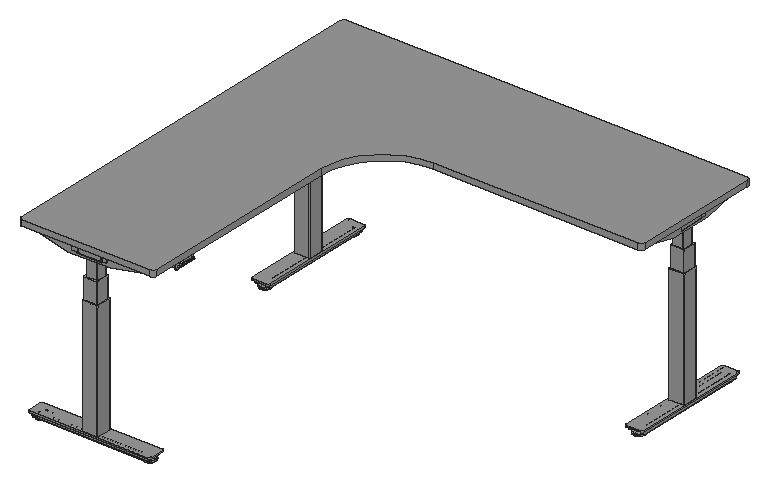
Revit family "3-Leg upCentric_72x72_Left", category Furniture, Revit 2014 (continued)
Definition of nested family "3-Leg upCentric_72x72_Left"
  Automatic sketch dimensions
    Sweep 50 sketch curve to Sweep 50 sketch curve = 0.0814"
    Extrusion 51 sketch curve to Extrusion 49 = 0.16541"
    Extrusion 51 sketch curve to Extrusion 51 sketch curve = 0.06807"
    Extrusion 51 sketch curve to Extrusion 51 sketch curve = 0.06943"
    Extrusion 51 sketch curve to Extrusion 49 = 0.23554"
    Extrusion 51 sketch curve to Extrusion 49 = 0.23547"
    Extrusion 51 sketch curve to Extrusion 51 sketch curve = 0.07003"
    Extrusion 51 sketch curve to Extrusion 49 = 0.1654"
    Extrusion 51 sketch curve to Extrusion 49 = 0.2355"
    Extrusion 52 sketch curve to Extrusion 49 = 0.39379"
    Extrusion 52 sketch curve to Extrusion 52 sketch curve = 0.11789"
    Extrusion 52 sketch curve to Extrusion 52 sketch curve = 0.11814"
    Extrusion 52 sketch curve to Extrusion 49 = 0.51262"
    Extrusion 52 sketch curve to Extrusion 49 = 0.51108"
    Extrusion 52 sketch curve to Extrusion 52 sketch curve = 0.11737"
    Extrusion 52 sketch curve to Extrusion 49 = 0.39369"
    Extrusion 52 sketch curve to Extrusion 49 = 0.5116"
    Extrusion 49 to Extrusion 53 sketch curve = 0.15738"
    Extrusion 49 to Extrusion 53 sketch curve = 0.15741"
    Extrusion 53 sketch curve to Extrusion 49 = 0.19501"
    Extrusion 53 sketch curve to Extrusion 49 = 0.19614"
    Extrusion 53 sketch curve to Extrusion 49 = 0.19747"
    Extrusion 53 sketch curve to Extrusion 49 = 0.19587"
    Extrusion 49 to Extrusion 53 sketch curve = 0.15748"
    Extrusion 49 to Extrusion 53 sketch curve = 9.44883"
    Extrusion 53 sketch curve to Extrusion 53 sketch curve = 0"  (x2)
    Extrusion 49 to Extrusion 53 sketch curve = 9.09386"
    Revolve 54 sketch curve to level = 0"
    level to Revolve 54 sketch curve = 0.20736"
    plane 27 to Revolve 54 sketch curve = 3.78767"
    level to Revolve 54 sketch curve = 0.24507"
    Revolve 54 sketch curve to Revolve 54 sketch curve = 0.02763"
    level to Revolve 54 sketch curve = 0.03758"
    Revolve 54 sketch curve to Revolve 54 sketch curve = 0.71987"
    Revolve 54 sketch curve to Revolve 54 sketch curve = 0.23679"
    level to Revolve 54 sketch curve = 0.47256"
    Revolve 54 sketch curve to Revolve 54 sketch curve = 0"
    Revolve 54 sketch curve to Revolve 54 sketch curve = 0.15913"
    Revolve 54 sketch curve to Revolve 54 sketch curve = 0.31484"
    Revolve 55 sketch curve to level = 0"
    level to Revolve 55 sketch curve = 0.20736"
    Revolve 55 sketch curve to plane 6 = 4.25267"
    level to Revolve 55 sketch curve = 0.24507"
    Revolve 55 sketch curve to Revolve 55 sketch curve = 0.02763"
    level to Revolve 55 sketch curve = 0.03758"
    Revolve 55 sketch curve to Revolve 55 sketch curve = 0.71987"
    Revolve 55 sketch curve to Revolve 55 sketch curve = 0.23679"
    level to Revolve 55 sketch curve = 0.47256"
    Revolve 55 sketch curve to Revolve 55 sketch curve = 0"
    Revolve 55 sketch curve to Revolve 55 sketch curve = 0.31484"
    Revolve 55 sketch curve to Revolve 55 sketch curve = 0.15913"
    level to Extrusion 56 sketch curve = 1.06299"
    Extrusion 56 sketch curve to plane 6 = 4.34961"
    level to Extrusion 56 sketch curve = 0.47221"
    Extrusion 56 sketch curve to Extrusion 56 sketch curve = 0.34109"
    Extrusion 56 sketch curve to Extrusion 56 sketch curve = 0.06779"
    level to Extrusion 56 sketch curve = 0.43307"
    plane 27 to Extrusion 56 sketch curve = 4.2914"
    level to Extrusion 56 sketch curve = 0.47093"
    Extrusion 56 sketch curve to Extrusion 56 sketch curve = 0.06558"
    Extrusion 56 sketch curve to Extrusion 56 sketch curve = 0.34183"
    level to Sweep 57 sketch curve = 0.47221"
    Sweep 57 sketch curve to Sweep 57 sketch curve = 0.06779"
    level to Sweep 57 sketch curve = 0.50879"
    plane 27 to Sweep 57 sketch curve = 4.2914"
    level to Sweep 57 sketch curve = 0.47093"
    Sweep 57 sketch curve to Sweep 57 sketch curve = 0.06558"
    level to Sweep 57 sketch curve = 1.20472"
    level to Sweep 57 sketch curve = 1.06299"
    Sweep 57 sketch curve to Sweep 57 sketch curve = 0.34183"
    Sweep 57 sketch curve to profile plane = 0"
    profile plane to Sweep 57 sketch curve = 0.03937"
    profile plane to Sweep 57 sketch curve = 22.51969"
    Sweep 57 sketch curve to Sweep 57 sketch curve = 0.11811"
    level to Extrusion 58 sketch curve = 1.06299"
    Extrusion 58 sketch curve to plane 6 = 4.34961"
    level to Extrusion 58 sketch curve = 0.47221"
    Extrusion 58 sketch curve to Extrusion 58 sketch curve = 0.34109"
    Extrusion 58 sketch curve to Extrusion 58 sketch curve = 0.06779"
    level to Extrusion 58 sketch curve = 0.43307"
    plane 27 to Extrusion 58 sketch curve = 4.2914"
    level to Extrusion 58 sketch curve = 0.47093"
    Extrusion 58 sketch curve to Extrusion 58 sketch curve = 0.06558"
    Extrusion 58 sketch curve to Extrusion 58 sketch curve = 0.34183"
    level to Sweep 59 sketch curve = 0.47221"
    Sweep 59 sketch curve to plane 6 = 4.6907"
    Sweep 59 sketch curve to Sweep 59 sketch curve = 0.06779"
    level to Sweep 59 sketch curve = 0.50879"
    plane 27 to Sweep 59 sketch curve = 4.2914"
    level to Sweep 59 sketch curve = 0.47093"
    Sweep 59 sketch curve to Sweep 59 sketch curve = 0.06558"
    level to Sweep 59 sketch curve = 1.06299"  (x2)
    Sweep 59 sketch curve to Sweep 59 sketch curve = 0.34109"
    Sweep 59 sketch curve to Sweep 59 sketch curve = 0.34183"
    Sweep 59 sketch curve to profile plane = 0"
    Sweep 59 sketch curve to profile plane = 0.03937"
    profile plane to Sweep 59 sketch curve = 22.51969"
    Sweep 59 sketch curve to Sweep 59 sketch curve = 0.11811"
    Extrusion 60 sketch curve to plane 5 = 1.81102"
    Extrusion 60 sketch curve to Extrusion 60 sketch curve = 0.03937"  (x2)
    Extrusion 60 sketch curve to Extrusion 60 sketch curve = 0.47244"
    level to Extrusion 60 sketch curve = 0.74803"
    Extrusion 60 sketch curve to Extrusion 60 sketch curve = 0.27559"
    Revolve 61 sketch curve to plane 1 "Center (Front/Back)" = 0.71193"
    Revolve 61 sketch curve to Revolve 61 sketch curve = 0.27322"
    Revolve 61 sketch curve to Revolve 61 sketch curve = 0.31418"
    level to Revolve 61 sketch curve = 0.66929"
    Revolve 61 sketch curve to Revolve 61 sketch curve = 0.35275"
    Revolve 61 sketch curve to Revolve 61 sketch curve = 0"
    Revolve 61 sketch curve to Revolve 61 sketch curve = 0.20184"
    Revolve 61 sketch curve to Revolve 61 sketch curve = 0.1063"
    plane 1 "Center (Front/Back)" to Revolve 62 sketch curve = 0.71205"
    Revolve 62 sketch curve to Revolve 62 sketch curve = 0.27322"
    Revolve 62 sketch curve to Revolve 62 sketch curve = 0.31418"
    level to Revolve 62 sketch curve = 0.66929"
    Revolve 62 sketch curve to Revolve 62 sketch curve = 0.35275"
    Revolve 62 sketch curve to Revolve 62 sketch curve = 0"
    Revolve 62 sketch curve to Revolve 62 sketch curve = 0.20184"
    Revolve 62 sketch curve to Revolve 62 sketch curve = 0.1063"
    Revolve 63 sketch curve to plane 1 "Center (Front/Back)" = 0.71193"
    Revolve 63 sketch curve to Revolve 63 sketch curve = 0.27322"
    Revolve 63 sketch curve to Revolve 63 sketch curve = 0.31418"
    level to Revolve 63 sketch curve = 0.66929"
    Revolve 63 sketch curve to Revolve 63 sketch curve = 0.35275"
    Revolve 63 sketch curve to Revolve 63 sketch curve = 0"
    Revolve 63 sketch curve to Revolve 63 sketch curve = 0.20184"
    Revolve 63 sketch curve to Revolve 63 sketch curve = 0.1063"
    plane 1 "Center (Front/Back)" to Revolve 64 sketch curve = 0.71205"
    Revolve 64 sketch curve to Revolve 64 sketch curve = 0.27322"
    Revolve 64 sketch curve to Revolve 64 sketch curve = 0.31418"
    level to Revolve 64 sketch curve = 0.66929"
    Revolve 64 sketch curve to Revolve 64 sketch curve = 0.35275"
    Revolve 64 sketch curve to Revolve 64 sketch curve = 0"
    Revolve 64 sketch curve to Revolve 64 sketch curve = 0.20184"
    Revolve 64 sketch curve to Revolve 64 sketch curve = 0.1063"
    plane 10 to Revolve 65 sketch curve = 0"  (x2)
    Revolve 65 sketch curve to plane 18 = 5.88109"
    Revolve 65 sketch curve to plane 10 = 0.08858"
    Revolve 65 sketch curve to Revolve 65 sketch curve = 0.11563"
    Revolve 65 sketch curve to Revolve 65 sketch curve = 0.02263"  (x2)
    Revolve 65 sketch curve to Revolve 65 sketch curve = 0.1177"
    Revolve 65 sketch curve to Revolve 65 sketch curve = 0.0492"
    plane 10 to Revolve 66 sketch curve = 0"  (x2)
    Revolve 66 sketch curve to plane 18 = 1.93982"
    Revolve 66 sketch curve to plane 10 = 0.08858"
    Revolve 66 sketch curve to Revolve 66 sketch curve = 0.11563"
    Revolve 66 sketch curve to Revolve 66 sketch curve = 0.02263"  (x2)
    Revolve 66 sketch curve to Revolve 66 sketch curve = 0.1177"
    Revolve 66 sketch curve to Revolve 66 sketch curve = 0.0492"
    plane 10 to Revolve 67 sketch curve = 0"  (x2)
    Revolve 67 sketch curve to plane 6 = 7.21804"
    Revolve 67 sketch curve to plane 10 = 0.08858"
    Revolve 67 sketch curve to Revolve 67 sketch curve = 0.11563"
    Revolve 67 sketch curve to Revolve 67 sketch curve = 0.02263"  (x2)
    Revolve 67 sketch curve to Revolve 67 sketch curve = 0.1177"
    Revolve 67 sketch curve to Revolve 67 sketch curve = 0.0492"
    plane 10 to Revolve 68 sketch curve = 0"  (x2)
    Revolve 68 sketch curve to plane 1 "Center (Front/Back)" = 3.65707"
    Revolve 68 sketch curve to plane 10 = 0.08858"
    Revolve 68 sketch curve to Revolve 68 sketch curve = 0.11563"
    Revolve 68 sketch curve to Revolve 68 sketch curve = 0.02263"  (x2)
    Revolve 68 sketch curve to Revolve 68 sketch curve = 0.1177"
    Revolve 68 sketch curve to Revolve 68 sketch curve = 0.0492"
    Revolve 69 sketch curve to plane 5 = 1.19712"
    Revolve 69 sketch curve to plane 1 "Center (Front/Back)" = 3.17271"
    Revolve 69 sketch curve to plane 5 = 1.21896"
    Revolve 69 sketch curve to Revolve 69 sketch curve = 0.02184"
    Revolve 69 sketch curve to plane 5 = 0.97987"
    Revolve 69 sketch curve to Revolve 69 sketch curve = 0.04328"  (x2)
    Revolve 69 sketch curve to Revolve 69 sketch curve = 0.07483"
    Revolve 69 sketch curve to Revolve 69 sketch curve = 0.12063"
    Revolve 69 sketch curve to Revolve 69 sketch curve = 0"
    Revolve 69 sketch curve to Revolve 69 sketch curve = 0.19607"
    Revolve 70 sketch curve to plane 18 = 1.33435"
    Revolve 70 sketch curve to Revolve 70 sketch curve = 0.07483"
    Revolve 70 sketch curve to Revolve 70 sketch curve = 0.09627"
    Revolve 70 sketch curve to Revolve 70 sketch curve = 0.02184"  (x2)
    Revolve 70 sketch curve to plane 5 = 0.98155"
    Revolve 70 sketch curve to Revolve 70 sketch curve = 0.04328"
    Revolve 70 sketch curve to Revolve 70 sketch curve = 0.17398"
    Revolve 70 sketch curve to Revolve 70 sketch curve = 0"
    Revolve 70 sketch curve to Revolve 70 sketch curve = 0.2169"
    Revolve 70 sketch curve to Revolve 70 sketch curve = 0.19607"
    Revolve 71 sketch curve to plane 5 = 1.75268"
    Revolve 71 sketch curve to plane 1 "Center (Front/Back)" = 3.35109"
    Revolve 71 sketch curve to Revolve 71 sketch curve = 0.03129"
    Revolve 71 sketch curve to Revolve 71 sketch curve = 0.27208"
    Revolve 71 sketch curve to Revolve 71 sketch curve = 0.97575"
    Revolve 71 sketch curve to Revolve 71 sketch curve = 0.04282"
    Revolve 71 sketch curve to Revolve 71 sketch curve = 0.30477"
    Revolve 71 sketch curve to Revolve 71 sketch curve = 0.01324"  (x2)
    Revolve 71 sketch curve to Revolve 71 sketch curve = 0.02616"
    Revolve 71 sketch curve to Revolve 71 sketch curve = 0"
    Revolve 71 sketch curve to Revolve 71 sketch curve = 0.1073"
    Revolve 71 sketch curve to Revolve 71 sketch curve = 0.00507"
    Revolve 71 sketch curve to Revolve 71 sketch curve = 0.14739"
    Revolve 71 sketch curve to Revolve 71 sketch curve = 0.4645"
    Revolve 72 sketch curve to plane 18 = 1.63146"
    Revolve 72 sketch curve to Revolve 72 sketch curve = 0.03129"
    Revolve 72 sketch curve to Revolve 72 sketch curve = 0.27208"
    Revolve 72 sketch curve to plane 18 = 0.35235"
    Revolve 72 sketch curve to plane 5 = 1.77884"
    Revolve 72 sketch curve to Revolve 72 sketch curve = 0.02616"
    Revolve 72 sketch curve to Revolve 72 sketch curve = 0.04282"
    Revolve 72 sketch curve to Revolve 72 sketch curve = 0.30477"
    Revolve 72 sketch curve to Revolve 72 sketch curve = 0.01324"
    Revolve 72 sketch curve to Revolve 72 sketch curve = 0"  (x2)
    Revolve 72 sketch curve to Revolve 72 sketch curve = 0.1073"
    Revolve 72 sketch curve to Revolve 72 sketch curve = 0.00507"
    Revolve 72 sketch curve to Revolve 72 sketch curve = 0.14739"
    Revolve 72 sketch curve to Revolve 72 sketch curve = 0.4645"
    plane 10 to Extrusion 73 sketch curve = 0"
    plane 27 to Extrusion 73 sketch curve = 4.4273"
    Extrusion 73 sketch curve to plane 15 = 0.02809"
    Extrusion 73 sketch curve to Extrusion 73 sketch curve = 0.68428"
    Extrusion 73 sketch curve to plane 15 = 0.09244"
    Extrusion 73 sketch curve to Extrusion 73 sketch curve = 0.10658"
    Extrusion 73 sketch curve to plane 17 = 0.04745"
    Extrusion 73 sketch curve to plane 18 = 2.02239"
    Extrusion 73 sketch curve to plane 1 "Center (Front/Back)" = 3.7367"
    Extrusion 73 sketch curve to plane 17 = 0.05436"
    Extrusion 73 sketch curve to Extrusion 73 sketch curve = 5.34072"
    Extrusion 73 sketch curve to plane 15 = 0.09189"
    Extrusion 73 sketch curve to Extrusion 73 sketch curve = 0.03919"
    Extrusion 73 sketch curve to plane 15 = 0.03009"
    Extrusion 73 sketch curve to Extrusion 73 sketch curve = 0.68596"
    Revolve 74 sketch curve to plane 10 = 0.05484"
    plane 24 to Revolve 74 sketch curve = 7.83629"
    Revolve 74 sketch curve to plane 10 = 0.07851"
    Revolve 74 sketch curve to Revolve 74 sketch curve = 0.02367"
    plane 10 to Revolve 74 sketch curve = 0.00023"
    Revolve 74 sketch curve to Revolve 74 sketch curve = 0.13796"
    plane 29 to Revolve 74 sketch curve = 0.0148"
    Revolve 74 sketch curve to Revolve 74 sketch curve = 0.12448"
    Revolve 74 sketch curve to Revolve 74 sketch curve = 0.07107"
    plane 24 to Extrusion 75 sketch curve = 7.17642"
    Extrusion 75 sketch curve to Extrusion 75 sketch curve = 0.19693"
    Extrusion 75 sketch curve to Extrusion 75 sketch curve = 0.19639"
    Extrusion 75 sketch curve to Extrusion 75 sketch curve = 0.39588"
    Extrusion 75 sketch curve to Extrusion 75 sketch curve = 0.2014"
    Extrusion 75 sketch curve to Extrusion 75 sketch curve = 0.19269"
    Extrusion 75 sketch curve to plane 5 = 7.87594"
    Extrusion 75 sketch curve to Extrusion 75 sketch curve = 0.51061"
    Extrusion 75 sketch curve to Extrusion 75 sketch curve = 1.27923"
    Extrusion 75 sketch curve to Extrusion 75 sketch curve = 0.21573"
    Revolve 76 sketch curve to plane 10 = 0.05484"
    plane 24 to Revolve 76 sketch curve = 7.31472"
    Revolve 76 sketch curve to plane 10 = 0.07851"
    Revolve 76 sketch curve to Revolve 76 sketch curve = 0.02367"
    plane 10 to Revolve 76 sketch curve = 0.00023"
    Revolve 76 sketch curve to Revolve 76 sketch curve = 0.13796"
    plane 29 to Revolve 76 sketch curve = 0.0148"
    Revolve 76 sketch curve to Revolve 76 sketch curve = 0.12448"
    Revolve 76 sketch curve to Revolve 76 sketch curve = 0.07107"
    plane 24 to Extrusion 77 sketch curve = 7.96054"
    Extrusion 77 sketch curve to Extrusion 77 sketch curve = 0.11693"
    Extrusion 77 sketch curve to Extrusion 77 sketch curve = 0.27466"
    Extrusion 77 sketch curve to Extrusion 77 sketch curve = 0.27874"
    Extrusion 77 sketch curve to Extrusion 77 sketch curve = 0.11706"
    Extrusion 77 sketch curve to plane 26 = 9.35256"
    Extrusion 77 sketch curve to Extrusion 77 sketch curve = 0.67814"
    Extrusion 77 sketch curve to Extrusion 77 sketch curve = 0.26986"
    Revolve 78 sketch curve to plane 10 = 0.05484"
    plane 24 to Revolve 78 sketch curve = 7.82652"
    Revolve 78 sketch curve to plane 10 = 0.07851"
    Revolve 78 sketch curve to Revolve 78 sketch curve = 0.02367"
    plane 10 to Revolve 78 sketch curve = 0.00023"
    Revolve 78 sketch curve to Revolve 78 sketch curve = 0.13796"
    plane 29 to Revolve 78 sketch curve = 0.0148"
    Revolve 78 sketch curve to Revolve 78 sketch curve = 0.12448"
    Revolve 78 sketch curve to Revolve 78 sketch curve = 0.07107"
    plane 10 to Extrusion 79 sketch curve = 0"
    Extrusion 79 sketch curve to plane 15 = 0.0689"
    plane 24 to Extrusion 79 sketch curve = 4.00744"
    Extrusion 79 sketch curve to Extrusion 79 sketch curve = 0.15748"  (x2)
    Extrusion 79 sketch curve to Extrusion 79 sketch curve = 0.19685"
    plane 10 to Extrusion 79 sketch curve = 0.03668"
    Extrusion 79 sketch curve to Extrusion 79 sketch curve = 0.60382"
    Extrusion 79 sketch curve to Extrusion 79 sketch curve = 0.05762"
    plane 29 to Extrusion 79 sketch curve = 0.01282"
    Extrusion 79 sketch curve to Extrusion 79 sketch curve = 6.31827"
    Extrusion 79 sketch curve to Extrusion 79 sketch curve = 0.03937"
    plane 16 to Extrusion 79 sketch curve = 0.09116"  (x2)
    Revolve 80 sketch curve to plane 10 = 0"  (x2)
    Revolve 80 sketch curve to plane 5 = 2.45989"
    Revolve 80 sketch curve to plane 10 = 0.08858"
    Revolve 80 sketch curve to Revolve 80 sketch curve = 0.11563"
    Revolve 80 sketch curve to Revolve 80 sketch curve = 0.02263"  (x2)
    Revolve 80 sketch curve to Revolve 80 sketch curve = 0.1177"
    Revolve 80 sketch curve to Revolve 80 sketch curve = 0.0492"
    Revolve 81 sketch curve to plane 10 = 0"  (x2)
    Revolve 81 sketch curve to plane 5 = 6.40116"
    Revolve 81 sketch curve to plane 10 = 0.08858"
    Revolve 81 sketch curve to Revolve 81 sketch curve = 0.11563"
    Revolve 81 sketch curve to Revolve 81 sketch curve = 0.02263"  (x2)
    Revolve 81 sketch curve to Revolve 81 sketch curve = 0.1177"
    Revolve 81 sketch curve to Revolve 81 sketch curve = 0.0492"
    Revolve 82 sketch curve to plane 5 = 7.00663"
    Revolve 82 sketch curve to Revolve 82 sketch curve = 0.07483"
    Revolve 82 sketch curve to Revolve 82 sketch curve = 0.09627"
    Revolve 82 sketch curve to Revolve 82 sketch curve = 0.02184"  (x2)
    plane 24 to Revolve 82 sketch curve = 10.19202"
    Revolve 82 sketch curve to Revolve 82 sketch curve = 0.17398"
    Revolve 82 sketch curve to Revolve 82 sketch curve = 0.04328"
    Revolve 82 sketch curve to Revolve 82 sketch curve = 0"
    Revolve 82 sketch curve to Revolve 82 sketch curve = 0.2169"
    Revolve 82 sketch curve to Revolve 82 sketch curve = 0.19607"
    Revolve 83 sketch curve to plane 5 = 6.70952"
    Revolve 83 sketch curve to Revolve 83 sketch curve = 0.03129"
    Revolve 83 sketch curve to Revolve 83 sketch curve = 0.27208"
    Revolve 83 sketch curve to Revolve 83 sketch curve = 0.97575"
    plane 24 to Revolve 83 sketch curve = 10.02081"
    Revolve 83 sketch curve to Revolve 83 sketch curve = 0.01324"
    Revolve 83 sketch curve to Revolve 83 sketch curve = 0.30477"
    Revolve 83 sketch curve to Revolve 83 sketch curve = 0.04282"
    Revolve 83 sketch curve to Revolve 83 sketch curve = 0.02616"
    Revolve 83 sketch curve to Revolve 83 sketch curve = 0"  (x2)
    Revolve 83 sketch curve to Revolve 83 sketch curve = 0.1073"
    Revolve 83 sketch curve to Revolve 83 sketch curve = 0.00507"
    Revolve 83 sketch curve to Revolve 83 sketch curve = 0.14739"
    Revolve 83 sketch curve to Revolve 83 sketch curve = 0.4645"
    plane 16 to Extrusion 84 sketch curve = 0.4958"
    plane 3 "Center (Left/Right)" to Extrusion 84 sketch curve = 9.56486"
    Extrusion 84 sketch curve to Extrusion 84 sketch curve = 1.24202"
    Extrusion 85 sketch curve to plane 10 = 0"
    Extrusion 85 sketch curve to plane 15 = 0.0689"
    plane 9 to Extrusion 85 sketch curve = 15.33901"
    Extrusion 85 sketch curve to Extrusion 85 sketch curve = 0.15748"  (x4)
    Extrusion 85 sketch curve to Extrusion 85 sketch curve = 0.19685"
    plane 10 to Extrusion 85 sketch curve = 0.03668"
    Extrusion 85 sketch curve to Extrusion 85 sketch curve = 0.60382"
    Extrusion 85 sketch curve to Extrusion 85 sketch curve = 0.05762"
    plane 29 to Extrusion 85 sketch curve = 0.01282"
    Extrusion 85 sketch curve to Extrusion 85 sketch curve = 6.31827"
    Extrusion 85 sketch curve to Extrusion 85 sketch curve = 0.03937"
    plane 21 to Extrusion 86 sketch curve = 0.34034"
    plane 30 to Extrusion 86 sketch curve = 13.87565"
    plane 1 "Center (Front/Back)" to Extrusion 86 sketch curve = 1.37714"
    Extrusion 86 sketch curve to Extrusion 86 sketch curve = 0.11741"  (x3)
    Extrusion 86 sketch curve to Extrusion 86 sketch curve = 2.52118"
    plane 21 to Extrusion 86 sketch curve = 0.34032"
    Extrusion 86 sketch curve to Extrusion 86 sketch curve = 0"  (x3)
    Extrusion 86 sketch curve to Extrusion 86 sketch curve = 0.11739"
    plane 1 "Center (Front/Back)" to Extrusion 86 sketch curve = 1.25975"
    Extrusion 86 to Sweep 87 sketch curve = 0.11209"
    Sweep 87 sketch curve to Sweep 87 sketch curve = 0.02062"
    Sweep 87 sketch curve to Sweep 87 sketch curve = 0.03753"
    Extrusion 86 to Sweep 87 sketch curve = 0.14501"
    Extrusion 86 to Sweep 87 sketch curve = 0.1326"
    Sweep 87 sketch curve to Sweep 87 sketch curve = 0.03238"
    Extrusion 86 to Sweep 87 sketch curve = 0.11232"
    Extrusion 86 to Sweep 87 sketch curve = 0.14442"
    Sweep 87 sketch curve to profile plane = 0"  (x2)
    Sweep 87 sketch curve to Sweep 87 sketch curve = 0.11204"
    Sweep 87 sketch curve to Sweep 87 sketch curve = 0.0814"
    Extrusion 86 to Extrusion 88 sketch curve = 0.16541"
    Extrusion 88 sketch curve to Extrusion 88 sketch curve = 0.06807"
    Extrusion 88 sketch curve to Extrusion 88 sketch curve = 0.06943"
    Extrusion 86 to Extrusion 88 sketch curve = 0.23554"
    Extrusion 86 to Extrusion 88 sketch curve = 0.23547"
    Extrusion 88 sketch curve to Extrusion 88 sketch curve = 0.07003"
    Extrusion 86 to Extrusion 88 sketch curve = 0.1654"
    Extrusion 86 to Extrusion 88 sketch curve = 0.2355"
    Extrusion 86 to Extrusion 89 sketch curve = 0.39379"
    Extrusion 89 sketch curve to Extrusion 89 sketch curve = 0.11789"
    Extrusion 89 sketch curve to Extrusion 89 sketch curve = 0.11814"
    Extrusion 86 to Extrusion 89 sketch curve = 0.51262"
    Extrusion 86 to Extrusion 89 sketch curve = 0.51108"
    Extrusion 89 sketch curve to Extrusion 89 sketch curve = 0.11737"
    Extrusion 86 to Extrusion 89 sketch curve = 0.39369"
    Extrusion 86 to Extrusion 89 sketch curve = 0.5116"
    Extrusion 90 sketch curve to Extrusion 86 = 0.15738"
    Extrusion 90 sketch curve to Extrusion 86 = 0.15741"
    Extrusion 86 to Extrusion 90 sketch curve = 0.19501"
    Extrusion 86 to Extrusion 90 sketch curve = 0.19614"
    Extrusion 86 to Extrusion 90 sketch curve = 0.19747"
    Extrusion 86 to Extrusion 90 sketch curve = 0.19587"
    Extrusion 90 sketch curve to Extrusion 86 = 0.15748"
    Extrusion 90 sketch curve to Extrusion 86 = 9.44883"
    Extrusion 90 sketch curve to Extrusion 90 sketch curve = 0"  (x2)
    Extrusion 90 sketch curve to Extrusion 86 = 9.09386"
    Revolve 91 sketch curve to level = 0"
    level to Revolve 91 sketch curve = 0.20736"
    plane 27 to Revolve 91 sketch curve = 3.78767"
    level to Revolve 91 sketch curve = 0.24507"
    Revolve 91 sketch curve to Revolve 91 sketch curve = 0.02763"
    level to Revolve 91 sketch curve = 0.03758"
    Revolve 91 sketch curve to Revolve 91 sketch curve = 0.71987"
    Revolve 91 sketch curve to Revolve 91 sketch curve = 0.23679"
    level to Revolve 91 sketch curve = 0.47256"
    Revolve 91 sketch curve to Revolve 91 sketch curve = 0"
    Revolve 91 sketch curve to Revolve 91 sketch curve = 0.31484"
    Revolve 91 sketch curve to Revolve 91 sketch curve = 0.15913"
    Revolve 92 sketch curve to level = 0"
    level to Revolve 92 sketch curve = 0.20736"
    Revolve 92 sketch curve to plane 6 = 4.25267"
    level to Revolve 92 sketch curve = 0.24507"
    Revolve 92 sketch curve to Revolve 92 sketch curve = 0.02763"
    level to Revolve 92 sketch curve = 0.03758"
    Revolve 92 sketch curve to Revolve 92 sketch curve = 0.71987"
    Revolve 92 sketch curve to Revolve 92 sketch curve = 0.23679"
    level to Revolve 92 sketch curve = 0.47256"
    Revolve 92 sketch curve to Revolve 92 sketch curve = 0"
    Revolve 92 sketch curve to Revolve 92 sketch curve = 0.15913"
    Revolve 92 sketch curve to Revolve 92 sketch curve = 0.31484"
    level to Extrusion 93 sketch curve = 1.06299"
    Extrusion 93 sketch curve to plane 6 = 4.34961"
    level to Extrusion 93 sketch curve = 0.47221"
    Extrusion 93 sketch curve to Extrusion 93 sketch curve = 0.34109"
    Extrusion 93 sketch curve to Extrusion 93 sketch curve = 0.06779"
    level to Extrusion 93 sketch curve = 0.43307"
    plane 27 to Extrusion 93 sketch curve = 4.2914"
    level to Extrusion 93 sketch curve = 0.47093"
    Extrusion 93 sketch curve to Extrusion 93 sketch curve = 0.06558"
    Extrusion 93 sketch curve to Extrusion 93 sketch curve = 0.34183"
    level to Sweep 94 sketch curve = 0.47221"
    Sweep 94 sketch curve to Sweep 94 sketch curve = 0.06779"
    level to Sweep 94 sketch curve = 0.50879"
    plane 27 to Sweep 94 sketch curve = 4.2914"
    level to Sweep 94 sketch curve = 0.47093"
    Sweep 94 sketch curve to Sweep 94 sketch curve = 0.06558"
    level to Sweep 94 sketch curve = 1.20472"
    level to Sweep 94 sketch curve = 1.06299"
    Sweep 94 sketch curve to Sweep 94 sketch curve = 0.34183"
    Sweep 94 sketch curve to profile plane = 0"
    Sweep 94 sketch curve to Sweep 94 sketch curve = 0.03937"
    profile plane to Sweep 94 sketch curve = 22.51969"
    Sweep 94 sketch curve to Sweep 94 sketch curve = 0.11811"
    level to Extrusion 95 sketch curve = 1.06299"
    Extrusion 95 sketch curve to plane 6 = 4.34961"
    level to Extrusion 95 sketch curve = 0.47221"
    Extrusion 95 sketch curve to Extrusion 95 sketch curve = 0.34109"
    Extrusion 95 sketch curve to Extrusion 95 sketch curve = 0.06779"
    level to Extrusion 95 sketch curve = 0.43307"
    plane 27 to Extrusion 95 sketch curve = 4.2914"
    level to Extrusion 95 sketch curve = 0.47093"
    Extrusion 95 sketch curve to Extrusion 95 sketch curve = 0.06558"
    Extrusion 95 sketch curve to Extrusion 95 sketch curve = 0.34183"
    level to Sweep 96 sketch curve = 0.47221"
    Sweep 96 sketch curve to plane 6 = 4.6907"
    Sweep 96 sketch curve to Sweep 96 sketch curve = 0.06779"
    level to Sweep 96 sketch curve = 0.50879"
    plane 27 to Sweep 96 sketch curve = 4.2914"
    level to Sweep 96 sketch curve = 0.47093"
    Sweep 96 sketch curve to Sweep 96 sketch curve = 0.06558"
    level to Sweep 96 sketch curve = 1.06299"  (x2)
    Sweep 96 sketch curve to Sweep 96 sketch curve = 0.34109"
    Sweep 96 sketch curve to Sweep 96 sketch curve = 0.34183"
    Sweep 96 sketch curve to profile plane = 0"
    Sweep 96 sketch curve to Sweep 96 sketch curve = 0.03937"
    profile plane to Sweep 96 sketch curve = 22.51969"
    Sweep 96 sketch curve to Sweep 96 sketch curve = 0.11811"
    level to Extrusion 97 sketch curve = 1.06299"
    Extrusion 97 sketch curve to plane 30 = 12.77319"
    Extrusion 97 sketch curve to Extrusion 97 sketch curve = 0.03937"  (x2)
    Extrusion 97 sketch curve to Extrusion 97 sketch curve = 0.47244"
    Extrusion 97 sketch curve to Extrusion 97 sketch curve = 0.27559"
    Revolve 98 sketch curve to plane 1 "Center (Front/Back)" = 0.71193"
    Revolve 98 sketch curve to Revolve 98 sketch curve = 0.27322"
    Revolve 98 sketch curve to Revolve 98 sketch curve = 0.31418"
    level to Revolve 98 sketch curve = 1.06299"
    Revolve 98 sketch curve to Revolve 98 sketch curve = 0.35275"
    Revolve 98 sketch curve to Revolve 98 sketch curve = 0"
    Revolve 98 sketch curve to Revolve 98 sketch curve = 0.1063"
    Revolve 98 sketch curve to Revolve 98 sketch curve = 0.20184"
    plane 1 "Center (Front/Back)" to Revolve 99 sketch curve = 0.71205"
    Revolve 99 sketch curve to Revolve 99 sketch curve = 0.27322"
    Revolve 99 sketch curve to Revolve 99 sketch curve = 0.31418"
    level to Revolve 99 sketch curve = 1.06299"
    Revolve 99 sketch curve to Revolve 99 sketch curve = 0.35275"
    Revolve 99 sketch curve to Revolve 99 sketch curve = 0"
    Revolve 99 sketch curve to Revolve 99 sketch curve = 0.1063"
    Revolve 99 sketch curve to Revolve 99 sketch curve = 0.20184"
    Revolve 100 sketch curve to plane 1 "Center (Front/Back)" = 0.71193"
    Revolve 100 sketch curve to Revolve 100 sketch curve = 0.27322"
    Revolve 100 sketch curve to Revolve 100 sketch curve = 0.31418"
    level to Revolve 100 sketch curve = 1.06299"
    Revolve 100 sketch curve to Revolve 100 sketch curve = 0.35275"
    Revolve 100 sketch curve to Revolve 100 sketch curve = 0"
    Revolve 100 sketch curve to Revolve 100 sketch curve = 0.1063"
    Revolve 100 sketch curve to Revolve 100 sketch curve = 0.20184"
    plane 1 "Center (Front/Back)" to Revolve 101 sketch curve = 0.71205"
    Revolve 101 sketch curve to Revolve 101 sketch curve = 0.27322"
    Revolve 101 sketch curve to Revolve 101 sketch curve = 0.31418"
    level to Revolve 101 sketch curve = 1.06299"
    Revolve 101 sketch curve to Revolve 101 sketch curve = 0.35275"
    Revolve 101 sketch curve to Revolve 101 sketch curve = 0"
    Revolve 101 sketch curve to Revolve 101 sketch curve = 0.1063"
    Revolve 101 sketch curve to Revolve 101 sketch curve = 0.20184"
    plane 10 to Revolve 102 sketch curve = 0"  (x2)
    Revolve 102 sketch curve to plane 18 = 5.88109"
    Revolve 102 sketch curve to plane 10 = 0.08858"
    Revolve 102 sketch curve to Revolve 102 sketch curve = 0.11563"
    Revolve 102 sketch curve to Revolve 102 sketch curve = 0.02263"  (x2)
    Revolve 102 sketch curve to Revolve 102 sketch curve = 0.1177"
    Revolve 102 sketch curve to Revolve 102 sketch curve = 0.0492"
    plane 10 to Revolve 103 sketch curve = 0"  (x2)
    Revolve 103 sketch curve to plane 18 = 1.93982"
    Revolve 103 sketch curve to plane 10 = 0.08858"
    Revolve 103 sketch curve to Revolve 103 sketch curve = 0.11563"
    Revolve 103 sketch curve to Revolve 103 sketch curve = 0.02263"  (x2)
    Revolve 103 sketch curve to Revolve 103 sketch curve = 0.1177"
    Revolve 103 sketch curve to Revolve 103 sketch curve = 0.0492"
    plane 10 to Revolve 104 sketch curve = 0"  (x2)
    Revolve 104 sketch curve to plane 6 = 7.21804"
    Revolve 104 sketch curve to plane 10 = 0.08858"
    Revolve 104 sketch curve to Revolve 104 sketch curve = 0.11563"
    Revolve 104 sketch curve to Revolve 104 sketch curve = 0.02263"  (x2)
    Revolve 104 sketch curve to Revolve 104 sketch curve = 0.1177"
    Revolve 104 sketch curve to Revolve 104 sketch curve = 0.0492"
    plane 10 to Revolve 105 sketch curve = 0"  (x2)
    Revolve 105 sketch curve to plane 1 "Center (Front/Back)" = 3.65707"
    Revolve 105 sketch curve to plane 10 = 0.08858"
    Revolve 105 sketch curve to Revolve 105 sketch curve = 0.11563"
    Revolve 105 sketch curve to Revolve 105 sketch curve = 0.02263"  (x2)
    Revolve 105 sketch curve to Revolve 105 sketch curve = 0.1177"
    Revolve 105 sketch curve to Revolve 105 sketch curve = 0.0492"
    Revolve 106 sketch curve to plane 1 "Center (Front/Back)" = 3.17271"
    Revolve 106 sketch curve to Revolve 106 sketch curve = 0.02184"  (x2)
    Revolve 106 sketch curve to Revolve 106 sketch curve = 0.04328"  (x2)
    Revolve 106 sketch curve to Revolve 106 sketch curve = 0.07483"
    Revolve 106 sketch curve to plane 30 = 12.18113"
    Revolve 106 sketch curve to Revolve 106 sketch curve = 0.17398"
    Revolve 106 sketch curve to Revolve 106 sketch curve = 0.12063"
    Revolve 106 sketch curve to Revolve 106 sketch curve = 0"
    Revolve 106 sketch curve to Revolve 106 sketch curve = 0.19607"
    Revolve 107 sketch curve to plane 18 = 1.33435"
    Revolve 107 sketch curve to Revolve 107 sketch curve = 0.07483"
    Revolve 107 sketch curve to Revolve 107 sketch curve = 0.09627"
    Revolve 107 sketch curve to Revolve 107 sketch curve = 0.02184"  (x2)
    Revolve 107 sketch curve to plane 30 = 12.18281"
    Revolve 107 sketch curve to Revolve 107 sketch curve = 0.17398"
    Revolve 107 sketch curve to Revolve 107 sketch curve = 0.04328"
    Revolve 107 sketch curve to Revolve 107 sketch curve = 0"
    Revolve 107 sketch curve to Revolve 107 sketch curve = 0.2169"
    Revolve 107 sketch curve to Revolve 107 sketch curve = 0.19607"
    Revolve 108 sketch curve to plane 1 "Center (Front/Back)" = 3.35109"
    Revolve 108 sketch curve to Revolve 108 sketch curve = 0.03129"
    Revolve 108 sketch curve to Revolve 108 sketch curve = 0.27208"
    Revolve 108 sketch curve to Revolve 108 sketch curve = 0.97575"
    Revolve 108 sketch curve to plane 30 = 12.74101"
    Revolve 108 sketch curve to Revolve 108 sketch curve = 0.02616"
    Revolve 108 sketch curve to Revolve 108 sketch curve = 0.04282"
    Revolve 108 sketch curve to Revolve 108 sketch curve = 0.30477"
    Revolve 108 sketch curve to Revolve 108 sketch curve = 0.01324"
    Revolve 108 sketch curve to Revolve 108 sketch curve = 0"  (x2)
    Revolve 108 sketch curve to Revolve 108 sketch curve = 0.00507"
    Revolve 108 sketch curve to Revolve 108 sketch curve = 0.14739"
    Revolve 108 sketch curve to Revolve 108 sketch curve = 0.4645"
    Revolve 109 sketch curve to plane 18 = 1.63146"
    Revolve 109 sketch curve to Revolve 109 sketch curve = 0.03129"
    Revolve 109 sketch curve to Revolve 109 sketch curve = 0.27208"
    Revolve 109 sketch curve to plane 18 = 0.35235"
    Revolve 109 sketch curve to plane 30 = 12.35403"
    Revolve 109 sketch curve to Revolve 109 sketch curve = 0.01324"
    Revolve 109 sketch curve to Revolve 109 sketch curve = 0.30477"
    Revolve 109 sketch curve to Revolve 109 sketch curve = 0.04282"
    Revolve 109 sketch curve to Revolve 109 sketch curve = 0.02616"
    Revolve 109 sketch curve to Revolve 109 sketch curve = 0"  (x2)
    Revolve 109 sketch curve to Revolve 109 sketch curve = 0.1073"
    Revolve 109 sketch curve to Revolve 109 sketch curve = 0.00507"
    Revolve 109 sketch curve to Revolve 109 sketch curve = 0.14739"
    Revolve 109 sketch curve to Revolve 109 sketch curve = 0.4645"
    plane 10 to Extrusion 110 sketch curve = 0"
    plane 27 to Extrusion 110 sketch curve = 4.4273"
    Extrusion 110 sketch curve to plane 15 = 0.02809"
    Extrusion 110 sketch curve to Extrusion 110 sketch curve = 0.68428"
    Extrusion 110 sketch curve to plane 15 = 0.09244"
    Extrusion 110 sketch curve to Extrusion 110 sketch curve = 0.10658"
    Extrusion 110 sketch curve to plane 17 = 0.04745"
    Extrusion 110 sketch curve to plane 18 = 2.02239"
    Extrusion 110 sketch curve to plane 1 "Center (Front/Back)" = 3.7367"
    Extrusion 110 sketch curve to plane 17 = 0.05436"
    Extrusion 110 sketch curve to Extrusion 110 sketch curve = 5.34072"
    Extrusion 110 sketch curve to plane 15 = 0.09189"
    Extrusion 110 sketch curve to Extrusion 110 sketch curve = 0.03919"
    Extrusion 110 sketch curve to plane 15 = 0.03009"
    Extrusion 110 sketch curve to Extrusion 110 sketch curve = 0.68596"
    plane 10 to Extrusion 111 sketch curve = 0"
    plane 17 to Extrusion 111 sketch curve = 0.20173"
    plane 27 to Extrusion 111 sketch curve = 1.49361"
    Extrusion 111 sketch curve to Extrusion 111 sketch curve = 1/64"
    plane 17 to Extrusion 111 sketch curve = 0.16747"
    Extrusion 111 sketch curve to Extrusion 111 sketch curve = 0.22052"
    plane 10 to Extrusion 111 sketch curve = 0.03594"
    Extrusion 111 sketch curve to Extrusion 111 sketch curve = 0.117"
    plane 29 to Extrusion 111 sketch curve = 0.00935"
    plane 17 to Extrusion 111 sketch curve = 0.27065"
    Extrusion 111 sketch curve to Extrusion 111 sketch curve = 0.24909"
    plane 29 to Extrusion 111 sketch curve = 0.14275"
    Extrusion 111 sketch curve to Extrusion 111 sketch curve = 0.13594"
    Extrusion 111 sketch curve to Extrusion 111 sketch curve = 0.12789"
    plane 29 to Extrusion 111 sketch curve = 0.03111"
    Extrusion 111 sketch curve to Extrusion 111 sketch curve = 0.17234"
    Extrusion 111 sketch curve to Extrusion 111 sketch curve = 0.05867"
    Extrusion 111 to Extrusion 112 sketch curve = 0.26606"
    Extrusion 111 to Extrusion 112 sketch curve = 0.45911"
    Extrusion 111 to Extrusion 113 sketch curve = 0.26606"
    Extrusion 111 to Extrusion 113 sketch curve = 0.9813"
    Extrusion 111 to Extrusion 114 sketch curve = 0.1428"
    Extrusion 114 sketch curve to Extrusion 111 = 0.10176"
    Extrusion 111 to Extrusion 114 sketch curve = 1.67033"
    Extrusion 114 sketch curve to Extrusion 114 sketch curve = 0.16977"  (x2)
    Extrusion 111 to Extrusion 115 sketch curve = 0.26606"
    Extrusion 111 to Extrusion 115 sketch curve = 0.45911"
    Extrusion 111 to Extrusion 116 sketch curve = 0.26606"
    Extrusion 111 to Extrusion 116 sketch curve = 0.9813"
    Extrusion 111 to Extrusion 117 sketch curve = 0.0803"
    Extrusion 117 sketch curve to Extrusion 111 = 0.16426"
    Extrusion 111 to Extrusion 117 sketch curve = 1.33078"
    Extrusion 117 sketch curve to Extrusion 117 sketch curve = 0.16977"  (x2)
    Extrusion 111 to Extrusion 118 sketch curve = 0.05571"
    Extrusion 118 sketch curve to Extrusion 111 = 0.12798"
    Extrusion 111 to Extrusion 118 sketch curve = 1.7769"
    Extrusion 118 sketch curve to Extrusion 118 sketch curve = 0.44947"
    Revolve 119 sketch curve to plane 10 = 0"  (x2)
    Revolve 119 sketch curve to plane 5 = 2.45989"
    Revolve 119 sketch curve to plane 10 = 0.08858"
    Revolve 119 sketch curve to Revolve 119 sketch curve = 0.11563"
    Revolve 119 sketch curve to Revolve 119 sketch curve = 0.02263"  (x2)
    Revolve 119 sketch curve to Revolve 119 sketch curve = 0.1177"
    Revolve 119 sketch curve to Revolve 119 sketch curve = 0.0492"
    Revolve 120 sketch curve to plane 10 = 0"  (x2)
    Revolve 120 sketch curve to plane 5 = 6.40116"
    Revolve 120 sketch curve to plane 10 = 0.08858"
    Revolve 120 sketch curve to Revolve 120 sketch curve = 0.11563"
    Revolve 120 sketch curve to Revolve 120 sketch curve = 0.02263"  (x2)
    Revolve 120 sketch curve to Revolve 120 sketch curve = 0.1177"
    Revolve 120 sketch curve to Revolve 120 sketch curve = 0.0492"
    Revolve 121 sketch curve to plane 10 = 0"  (x2)
    Revolve 121 sketch curve to plane 26 = 4.10859"
    Revolve 121 sketch curve to plane 10 = 0.08858"
    Revolve 121 sketch curve to Revolve 121 sketch curve = 0.11563"
    Revolve 121 sketch curve to Revolve 121 sketch curve = 0.02263"  (x2)
    Revolve 121 sketch curve to Revolve 121 sketch curve = 0.1177"
    Revolve 121 sketch curve to Revolve 121 sketch curve = 0.0492"
    Revolve 122 sketch curve to plane 10 = 0"  (x2)
    Revolve 122 sketch curve to plane 26 = 8.03663"
    Revolve 122 sketch curve to plane 10 = 0.08858"
    Revolve 122 sketch curve to Revolve 122 sketch curve = 0.11563"
    Revolve 122 sketch curve to Revolve 122 sketch curve = 0.02263"  (x2)
    Revolve 122 sketch curve to Revolve 122 sketch curve = 0.1177"
    Revolve 122 sketch curve to Revolve 122 sketch curve = 0.0492"
    Revolve 123 sketch curve to plane 10 = 0.05484"
    plane 24 to Revolve 123 sketch curve = 7.67363"
    Revolve 123 sketch curve to plane 10 = 0.07851"
    Revolve 123 sketch curve to Revolve 123 sketch curve = 0.02367"
    plane 10 to Revolve 123 sketch curve = 0.00023"
    Revolve 123 sketch curve to Revolve 123 sketch curve = 0.13796"
    plane 29 to Revolve 123 sketch curve = 0.0148"
    Revolve 123 sketch curve to Revolve 123 sketch curve = 0.12448"
    Revolve 123 sketch curve to Revolve 123 sketch curve = 0.07107"
    plane 24 to Extrusion 124 sketch curve = 7.01375"
    Extrusion 124 sketch curve to Extrusion 124 sketch curve = 0.19693"
    Extrusion 124 sketch curve to Extrusion 124 sketch curve = 0.19639"
    Extrusion 124 sketch curve to Extrusion 124 sketch curve = 0.39588"
    Extrusion 124 sketch curve to Extrusion 124 sketch curve = 0.2014"
    Extrusion 124 sketch curve to Extrusion 124 sketch curve = 0.19269"
    Extrusion 124 sketch curve to plane 5 = 7.87594"
    Extrusion 124 sketch curve to Extrusion 124 sketch curve = 0.51061"
    Extrusion 124 sketch curve to Extrusion 124 sketch curve = 1.27923"
    Extrusion 124 sketch curve to Extrusion 124 sketch curve = 0.21573"
    Revolve 125 sketch curve to plane 10 = 0.05484"
    plane 24 to Revolve 125 sketch curve = 7.15205"
    Revolve 125 sketch curve to plane 10 = 0.07851"
    Revolve 125 sketch curve to Revolve 125 sketch curve = 0.02367"
    plane 10 to Revolve 125 sketch curve = 0.00023"
    Revolve 125 sketch curve to Revolve 125 sketch curve = 0.13796"
    plane 29 to Revolve 125 sketch curve = 0.0148"
    Revolve 125 sketch curve to Revolve 125 sketch curve = 0.12448"
    Revolve 125 sketch curve to Revolve 125 sketch curve = 0.07107"
    plane 24 to Extrusion 126 sketch curve = 7.79788"
    Extrusion 126 sketch curve to Extrusion 126 sketch curve = 0.11693"
    Extrusion 126 sketch curve to Extrusion 126 sketch curve = 0.27466"
    Extrusion 126 sketch curve to Extrusion 126 sketch curve = 0.27874"
    Extrusion 126 sketch curve to Extrusion 126 sketch curve = 0.11706"
    Extrusion 126 sketch curve to plane 26 = 9.35256"
    Extrusion 126 sketch curve to Extrusion 126 sketch curve = 0.67814"
    Extrusion 126 sketch curve to Extrusion 126 sketch curve = 0.26986"
    Revolve 127 sketch curve to plane 10 = 0.05484"
    plane 24 to Revolve 127 sketch curve = 7.66386"
    Revolve 127 sketch curve to plane 10 = 0.07851"
    Revolve 127 sketch curve to Revolve 127 sketch curve = 0.02367"
    plane 10 to Revolve 127 sketch curve = 0.00023"
    Revolve 127 sketch curve to Revolve 127 sketch curve = 0.13796"
    plane 29 to Revolve 127 sketch curve = 0.0148"
    Revolve 127 sketch curve to Revolve 127 sketch curve = 0.12448"
    Revolve 127 sketch curve to Revolve 127 sketch curve = 0.07107"
    Extrusion 128 sketch curve to plane 24 = 8.33652"
    Extrusion 128 sketch curve to Extrusion 128 sketch curve = 0.11741"  (x3)
    Extrusion 128 sketch curve to Extrusion 128 sketch curve = 2.52118"
    Extrusion 128 sketch curve to Extrusion 128 sketch curve = 0"  (x5)
    plane 26 to Extrusion 128 sketch curve = 10.31656"
    Extrusion 128 sketch curve to Extrusion 128 sketch curve = 0.11739"
    Extrusion 128 sketch curve to Extrusion 128 sketch curve = 2.5211"
    Extrusion 128 to Sweep 129 sketch curve = 0.11209"
    Sweep 129 sketch curve to Sweep 129 sketch curve = 0.02062"
    Sweep 129 sketch curve to Sweep 129 sketch curve = 0.03753"
    Extrusion 128 to Sweep 129 sketch curve = 0.14501"
    Extrusion 128 to Sweep 129 sketch curve = 0.1326"
    Sweep 129 sketch curve to Sweep 129 sketch curve = 0.03238"
    Extrusion 128 to Sweep 129 sketch curve = 0.11232"
    Extrusion 128 to Sweep 129 sketch curve = 0.14442"
    Sweep 129 sketch curve to profile plane = 0"
    profile plane to Sweep 129 sketch curve = 0"
    profile plane to Sweep 129 sketch curve = 0.11204"
    Sweep 129 sketch curve to Sweep 129 sketch curve = 0.0814"
    Extrusion 128 to Extrusion 130 sketch curve = 0.16541"
    Extrusion 130 sketch curve to Extrusion 130 sketch curve = 0.06807"
    Extrusion 130 sketch curve to Extrusion 130 sketch curve = 0.06943"
    Extrusion 128 to Extrusion 130 sketch curve = 0.23554"
    Extrusion 128 to Extrusion 130 sketch curve = 0.23547"
    Extrusion 130 sketch curve to Extrusion 130 sketch curve = 0.07003"
    Extrusion 128 to Extrusion 130 sketch curve = 0.1654"
    Extrusion 128 to Extrusion 130 sketch curve = 0.2355"
    Extrusion 128 to Extrusion 131 sketch curve = 0.39379"
    Extrusion 131 sketch curve to Extrusion 131 sketch curve = 0.11789"
    Extrusion 131 sketch curve to Extrusion 131 sketch curve = 0.11814"
    Extrusion 128 to Extrusion 131 sketch curve = 0.51262"
    Extrusion 128 to Extrusion 131 sketch curve = 0.51108"
    Extrusion 131 sketch curve to Extrusion 131 sketch curve = 0.11737"
    Extrusion 128 to Extrusion 131 sketch curve = 0.39369"
    Extrusion 128 to Extrusion 131 sketch curve = 0.5116"
    Extrusion 132 sketch curve to Extrusion 128 = 0.15738"
    Extrusion 132 sketch curve to Extrusion 128 = 0.15741"
    Extrusion 128 to Extrusion 132 sketch curve = 0.19501"
    Extrusion 128 to Extrusion 132 sketch curve = 0.19614"
    Extrusion 128 to Extrusion 132 sketch curve = 0.19747"
    Extrusion 128 to Extrusion 132 sketch curve = 0.19587"
    Extrusion 132 sketch curve to Extrusion 128 = 0.15748"
    Extrusion 132 sketch curve to Extrusion 128 = 9.44883"
    Extrusion 132 sketch curve to Extrusion 128 = 9.09386"
    Revolve 133 sketch curve to level = 0"
    plane 5 to Revolve 133 sketch curve = 0.48926"
    level to Revolve 133 sketch curve = 0.24507"
    Revolve 133 sketch curve to Revolve 133 sketch curve = 0.02763"
    level to Revolve 133 sketch curve = 0.03758"
    Revolve 133 sketch curve to Revolve 133 sketch curve = 0.03954"
    Revolve 133 sketch curve to plane 5 = 0.25824"
    Revolve 133 sketch curve to plane 5 = 0.49503"
    level to Revolve 133 sketch curve = 0.47256"
    Revolve 133 sketch curve to Revolve 133 sketch curve = 0"
    Revolve 133 sketch curve to Revolve 133 sketch curve = 0.31484"
    Revolve 133 sketch curve to Revolve 133 sketch curve = 0.15913"
    Revolve 134 sketch curve to level = 0"
    level to Revolve 134 sketch curve = 0.20736"
    Revolve 134 sketch curve to plane 26 = 1.14322"
    level to Revolve 134 sketch curve = 0.24507"
    Revolve 134 sketch curve to Revolve 134 sketch curve = 0.02763"
    level to Revolve 134 sketch curve = 0.03758"
    Revolve 134 sketch curve to Revolve 134 sketch curve = 0.71987"
    Revolve 134 sketch curve to Revolve 134 sketch curve = 0.23679"
    level to Revolve 134 sketch curve = 0.47256"
    Revolve 134 sketch curve to Revolve 134 sketch curve = 0"
    Revolve 134 sketch curve to Revolve 134 sketch curve = 0.15913"
    Revolve 134 sketch curve to Revolve 134 sketch curve = 0.31484"
    Extrusion 135 sketch curve to plane 26 = 1.24016"
    level to Extrusion 135 sketch curve = 0.47221"
    Extrusion 135 sketch curve to Extrusion 135 sketch curve = 0.34109"
    Extrusion 135 sketch curve to Extrusion 135 sketch curve = 0.06779"
    Extrusion 135 sketch curve to plane 5 = 0.01447"
    plane 5 to Extrusion 135 sketch curve = 0.05111"
    plane 5 to Extrusion 135 sketch curve = 0.39294"
    level to Extrusion 135 sketch curve = 0.50879"
    Extrusion 135 sketch curve to Extrusion 135 sketch curve = 0.03914"
    Extrusion 135 sketch curve to Extrusion 135 sketch curve = 0.59206"
    level to Sweep 136 sketch curve = 0.47221"
    Sweep 136 sketch curve to Sweep 136 sketch curve = 0.06779"
    Sweep 136 sketch curve to plane 5 = 0.01447"
    plane 5 to Sweep 136 sketch curve = 0.05111"
    level to Sweep 136 sketch curve = 0.50879"
    Sweep 136 sketch curve to Sweep 136 sketch curve = 0.03914"
    Sweep 136 sketch curve to Sweep 136 sketch curve = 0.42292"
    plane 5 to Sweep 136 sketch curve = 0.39294"
    Sweep 136 sketch curve to Sweep 136 sketch curve = 0.59206"
    Sweep 136 sketch curve to profile plane = 0"
    Sweep 136 sketch curve to Sweep 136 sketch curve = 0.03937"
    profile plane to Sweep 136 sketch curve = 22.51969"
    Sweep 136 sketch curve to Sweep 136 sketch curve = 0.11811"
    Extrusion 137 sketch curve to plane 26 = 1.24016"
    level to Extrusion 137 sketch curve = 0.47221"
    Extrusion 137 sketch curve to Extrusion 137 sketch curve = 0.34109"
    Extrusion 137 sketch curve to Extrusion 137 sketch curve = 0.06779"
    Extrusion 137 sketch curve to plane 5 = 0.01447"
    plane 5 to Extrusion 137 sketch curve = 0.05111"
    plane 5 to Extrusion 137 sketch curve = 0.39294"
    level to Extrusion 137 sketch curve = 0.47093"
    Extrusion 137 sketch curve to Extrusion 137 sketch curve = 0.03786"
    Extrusion 137 sketch curve to Extrusion 137 sketch curve = 0.59078"
    level to Sweep 138 sketch curve = 0.47221"
    Sweep 138 sketch curve to plane 26 = 1.58124"
    Sweep 138 sketch curve to Sweep 138 sketch curve = 0.06779"
    Sweep 138 sketch curve to plane 5 = 0.01447"
    plane 5 to Sweep 138 sketch curve = 0.05111"
    level to Sweep 138 sketch curve = 0.47093"
    Sweep 138 sketch curve to Sweep 138 sketch curve = 0.03914"
    Sweep 138 sketch curve to Sweep 138 sketch curve = 0.34109"
    plane 5 to Sweep 138 sketch curve = 0.39294"
    Sweep 138 sketch curve to Sweep 138 sketch curve = 0.59206"
    Sweep 138 sketch curve to Sweep 138 sketch curve = 0.59078"
    profile plane to Sweep 138 sketch curve = 0"
    Sweep 138 sketch curve to Sweep 138 sketch curve = 0.03937"
    profile plane to Sweep 138 sketch curve = 22.51969"
    Sweep 138 sketch curve to Sweep 138 sketch curve = 0.11811"
    level to Extrusion 139 sketch curve = 1.06299"
    plane 24 to Extrusion 139 sketch curve = 9.43898"
    Extrusion 139 sketch curve to Extrusion 139 sketch curve = 0.03937"  (x2)
    Extrusion 139 sketch curve to Extrusion 139 sketch curve = 0.47244"
    Extrusion 139 sketch curve to Extrusion 139 sketch curve = 0.27559"
    level to Revolve 140 sketch curve = 0.66929"
    Revolve 140 sketch curve to plane 5 = 10.77414"
    Revolve 140 sketch curve to Revolve 140 sketch curve = 0.27322"
    Revolve 140 sketch curve to Revolve 140 sketch curve = 0.31418"
    Revolve 140 sketch curve to Revolve 140 sketch curve = 0.3937"
    Revolve 140 sketch curve to Revolve 140 sketch curve = 0"
    Revolve 140 sketch curve to Revolve 140 sketch curve = 0.1063"
    Revolve 140 sketch curve to Revolve 140 sketch curve = 0.20184"
    level to Revolve 141 sketch curve = 0.66929"
    Revolve 141 sketch curve to plane 5 = 9.35016"
    Revolve 141 sketch curve to Revolve 141 sketch curve = 0.27322"
    Revolve 141 sketch curve to Revolve 141 sketch curve = 0.31418"
    Revolve 141 sketch curve to Revolve 141 sketch curve = 0.3937"
    Revolve 141 sketch curve to Revolve 141 sketch curve = 0"
    Revolve 141 sketch curve to Revolve 141 sketch curve = 0.1063"
    Revolve 141 sketch curve to Revolve 141 sketch curve = 0.20184"
    level to Revolve 142 sketch curve = 0.66929"
    Revolve 142 sketch curve to plane 5 = 10.77414"
    Revolve 142 sketch curve to Revolve 142 sketch curve = 0.27322"
    Revolve 142 sketch curve to Revolve 142 sketch curve = 0.31418"
    Revolve 142 sketch curve to Revolve 142 sketch curve = 0.3937"
    Revolve 142 sketch curve to Revolve 142 sketch curve = 0"
    Revolve 142 sketch curve to Revolve 142 sketch curve = 0.1063"
    Revolve 142 sketch curve to Revolve 142 sketch curve = 0.20184"
    level to Revolve 143 sketch curve = 0.66929"
    Revolve 143 sketch curve to plane 5 = 9.35016"
    Revolve 143 sketch curve to Revolve 143 sketch curve = 0.27322"
    Revolve 143 sketch curve to Revolve 143 sketch curve = 0.31418"
    Revolve 143 sketch curve to Revolve 143 sketch curve = 0.3937"
    Revolve 143 sketch curve to Revolve 143 sketch curve = 0"
    Revolve 143 sketch curve to Revolve 143 sketch curve = 0.1063"
    Revolve 143 sketch curve to Revolve 143 sketch curve = 0.20184"
    Revolve 144 sketch curve to plane 10 = 0"  (x2)
    Revolve 144 sketch curve to plane 5 = 2.45989"
    Revolve 144 sketch curve to plane 10 = 0.08858"
    Revolve 144 sketch curve to Revolve 144 sketch curve = 0.11563"
    Revolve 144 sketch curve to Revolve 144 sketch curve = 0.02263"  (x2)
    Revolve 144 sketch curve to Revolve 144 sketch curve = 0.1177"
    Revolve 144 sketch curve to Revolve 144 sketch curve = 0.0492"
    Revolve 145 sketch curve to plane 10 = 0"  (x2)
    Revolve 145 sketch curve to plane 5 = 6.40116"
    Revolve 145 sketch curve to plane 10 = 0.08858"
    Revolve 145 sketch curve to Revolve 145 sketch curve = 0.11563"
    Revolve 145 sketch curve to Revolve 145 sketch curve = 0.02263"  (x2)
    Revolve 145 sketch curve to Revolve 145 sketch curve = 0.1177"
    Revolve 145 sketch curve to Revolve 145 sketch curve = 0.0492"
    Revolve 146 sketch curve to plane 10 = 0"  (x2)
    Revolve 146 sketch curve to plane 26 = 4.10859"
    Revolve 146 sketch curve to plane 10 = 0.08858"
    Revolve 146 sketch curve to Revolve 146 sketch curve = 0.11563"
    Revolve 146 sketch curve to Revolve 146 sketch curve = 0.02263"  (x2)
    Revolve 146 sketch curve to Revolve 146 sketch curve = 0.1177"
    Revolve 146 sketch curve to Revolve 146 sketch curve = 0.0492"
    Revolve 147 sketch curve to plane 10 = 0"  (x2)
    Revolve 147 sketch curve to plane 26 = 8.03663"
    Revolve 147 sketch curve to plane 10 = 0.08858"
    Revolve 147 sketch curve to Revolve 147 sketch curve = 0.11563"
    Revolve 147 sketch curve to Revolve 147 sketch curve = 0.02263"  (x2)
    Revolve 147 sketch curve to Revolve 147 sketch curve = 0.1177"
    Revolve 147 sketch curve to Revolve 147 sketch curve = 0.0492"
    Revolve 148 sketch curve to plane 26 = 8.52099"
    Revolve 148 sketch curve to Revolve 148 sketch curve = 0.02184"  (x2)
    Revolve 148 sketch curve to Revolve 148 sketch curve = 0.04328"  (x2)
    Revolve 148 sketch curve to Revolve 148 sketch curve = 0.07483"
    plane 24 to Revolve 148 sketch curve = 10.03104"
    Revolve 148 sketch curve to Revolve 148 sketch curve = 0.17398"
    Revolve 148 sketch curve to Revolve 148 sketch curve = 0.12063"
    Revolve 148 sketch curve to Revolve 148 sketch curve = 0"
    Revolve 148 sketch curve to Revolve 148 sketch curve = 0.19607"
    Revolve 149 sketch curve to plane 5 = 7.00663"
    Revolve 149 sketch curve to Revolve 149 sketch curve = 0.07483"
    Revolve 149 sketch curve to Revolve 149 sketch curve = 0.09627"
    Revolve 149 sketch curve to Revolve 149 sketch curve = 0.02184"  (x2)
    plane 24 to Revolve 149 sketch curve = 10.02936"
    Revolve 149 sketch curve to Revolve 149 sketch curve = 0.17398"
    Revolve 149 sketch curve to Revolve 149 sketch curve = 0.04328"
    Revolve 149 sketch curve to Revolve 149 sketch curve = 0"
    Revolve 149 sketch curve to Revolve 149 sketch curve = 0.2169"
    Revolve 149 sketch curve to Revolve 149 sketch curve = 0.19607"
    Revolve 150 sketch curve to plane 26 = 8.34261"
    Revolve 150 sketch curve to Revolve 150 sketch curve = 0.03129"
    Revolve 150 sketch curve to Revolve 150 sketch curve = 0.27208"
    Revolve 150 sketch curve to Revolve 150 sketch curve = 0.97575"
    plane 24 to Revolve 150 sketch curve = 9.47116"
    Revolve 150 sketch curve to Revolve 150 sketch curve = 0.02616"
    Revolve 150 sketch curve to Revolve 150 sketch curve = 0.04282"
    Revolve 150 sketch curve to Revolve 150 sketch curve = 0.30477"
    Revolve 150 sketch curve to Revolve 150 sketch curve = 0.01324"
    Revolve 150 sketch curve to Revolve 150 sketch curve = 0"  (x2)
    Revolve 150 sketch curve to Revolve 150 sketch curve = 0.00507"
    Revolve 150 sketch curve to Revolve 150 sketch curve = 0.14739"
    Revolve 150 sketch curve to Revolve 150 sketch curve = 0.4645"
    Revolve 151 sketch curve to plane 5 = 6.70952"
    Revolve 151 sketch curve to Revolve 151 sketch curve = 0.03129"
    Revolve 151 sketch curve to Revolve 151 sketch curve = 0.27208"
    Revolve 151 sketch curve to Revolve 151 sketch curve = 0.97575"
    plane 24 to Revolve 151 sketch curve = 9.85814"
    Revolve 151 sketch curve to Revolve 151 sketch curve = 0.01324"
    Revolve 151 sketch curve to Revolve 151 sketch curve = 0.30477"
    Revolve 151 sketch curve to Revolve 151 sketch curve = 0.04282"
    Revolve 151 sketch curve to Revolve 151 sketch curve = 0.02616"
    Revolve 151 sketch curve to Revolve 151 sketch curve = 0"  (x2)
    Revolve 151 sketch curve to Revolve 151 sketch curve = 0.1073"
    Revolve 151 sketch curve to Revolve 151 sketch curve = 0.00507"
    Revolve 151 sketch curve to Revolve 151 sketch curve = 0.14739"
    Revolve 151 sketch curve to Revolve 151 sketch curve = 0.4645"
    Extrusion 152 sketch curve to plane 10 = 0"
    Extrusion 152 sketch curve to plane 5 = 0.15037"
    Extrusion 152 sketch curve to plane 15 = 0.02809"
    Extrusion 152 sketch curve to plane 5 = 0.83465"
    Extrusion 152 sketch curve to plane 15 = 0.09244"
    Extrusion 152 sketch curve to Extrusion 152 sketch curve = 0.10658"
    Extrusion 152 sketch curve to plane 17 = 0.04745"
    Extrusion 152 sketch curve to Extrusion 152 sketch curve = 5.37736"
    Extrusion 152 sketch curve to Extrusion 152 sketch curve = 7.48031"
    Extrusion 152 sketch curve to plane 17 = 0.05436"
    Extrusion 152 sketch curve to plane 26 = 2.61628"
    Extrusion 152 sketch curve to plane 15 = 0.09189"
    Extrusion 152 sketch curve to Extrusion 152 sketch curve = 0.03919"
    Extrusion 152 sketch curve to plane 15 = 0.03009"
    Extrusion 152 sketch curve to Extrusion 152 sketch curve = 0.68596"
    Extrusion 153 sketch curve to plane 10 = 0"
    plane 3 "Center (Left/Right)" to Extrusion 153 sketch curve = 0.33563"
    Extrusion 153 sketch curve to Extrusion 153 sketch curve = 1/64"
    Extrusion 153 sketch curve to Extrusion 153 sketch curve = 0.22052"
    plane 10 to Extrusion 153 sketch curve = 0.03594"
    Extrusion 153 sketch curve to Extrusion 153 sketch curve = 0.117"
    plane 29 to Extrusion 153 sketch curve = 0.00935"
    plane 26 to Extrusion 153 sketch curve = 0.85039"
    plane 26 to Extrusion 153 sketch curve = 0.71446"
    plane 26 to Extrusion 153 sketch curve = 0.58657"
    plane 29 to Extrusion 153 sketch curve = 0.03111"
    Extrusion 153 sketch curve to Extrusion 153 sketch curve = 0.17234"
    Extrusion 153 sketch curve to Extrusion 153 sketch curve = 0.05867"
    Extrusion 153 sketch curve to Extrusion 153 sketch curve = 0.05297"
    Extrusion 153 sketch curve to Extrusion 153 sketch curve = 0.13594"
    plane 17 to Extrusion 153 sketch curve = 0.20173"
    Extrusion 153 sketch curve to Extrusion 153 sketch curve = 0.01357"
    Extrusion 153 to Extrusion 154 sketch curve = 0.26606"
    Extrusion 153 to Extrusion 154 sketch curve = 0.45911"
    Extrusion 153 to Extrusion 155 sketch curve = 0.26606"
    Extrusion 153 to Extrusion 155 sketch curve = 0.9813"
    Extrusion 153 to Extrusion 156 sketch curve = 0.1428"
    Extrusion 156 sketch curve to Extrusion 153 = 0.10176"
    Extrusion 153 to Extrusion 156 sketch curve = 1.67033"
    Extrusion 156 sketch curve to Extrusion 156 sketch curve = 0.16977"
    Extrusion 156 sketch curve to Extrusion 156 sketch curve = 0.33955"
    Extrusion 153 to Extrusion 157 sketch curve = 0.26606"
    Extrusion 153 to Extrusion 157 sketch curve = 0.45911"
    Extrusion 153 to Extrusion 158 sketch curve = 0.26606"
    Extrusion 153 to Extrusion 158 sketch curve = 0.9813"
    Extrusion 153 to Extrusion 159 sketch curve = 0.0803"
    Extrusion 159 sketch curve to Extrusion 153 = 0.16426"
    Extrusion 153 to Extrusion 159 sketch curve = 1.33078"
    Extrusion 159 sketch curve to Extrusion 159 sketch curve = 0.16977"  (x2)
